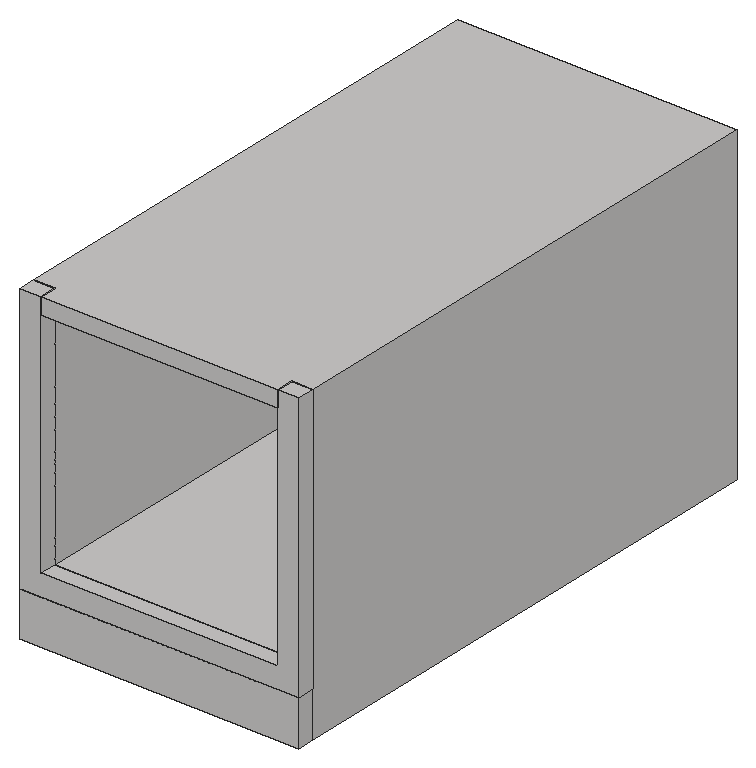
Revit family "QF_ELECTROLUXPROFESSIONAL_588636_MB1NCADOOO", category Attrezzature speciali, Revit 2020
Family settings
  Quota connettore circolare = Usa diametro
  Tipo di parte = Normale
  Basato su piano di lavoro = No
  Sempre verticale = Sì
  Taglio con vuoti quando caricato = No
  Condiviso = No
  Punto di calcolo locali = No
Parameters (values of type "Standard")
  Weight = 17.00 kg
  Watts = 0 W
  Volts = 0 V
  URL Manufacturer = "https://www.electroluxprofessional.com/"
  URL = "https://www.electroluxprofessional.com/"
  Steam Supply Size = 0"
  Steam Supply Minimum Pressure = 0.00 psi
  Steam Supply Maximum Pressure = 0.00 psi
  Steam Consumption per Hour = 0
  Refrigeration Suction Line Size = 0 mm
  Refrigeration Liquid Line Size = 0 mm
  Refrigerant Compressor Remote = yes
  Prospetto di default = 0 mm
  Phase = 0
  Modello = "MB1NCADOOO"
  Produttore = "Electrolux Professional"
  Length Actual = 400 mm  # constant formula
  Item Number = "588636"
  Hot Water Size = 0"
  Height Actual = 450 mm  # constant formula
  HP = "0 HP"
  Gas Size = 0"
  Gas KW = 0
  Gas Input Pressure = 0.0 Btu/h
  Direct Waste Size = 0"
  Descrizione = "OPEN BASE,GN,1-SIDE,400X850X450H"
  Depth Actual = 850 mm  # constant formula
  Cycle = 0 Hz
  Condensate Return Size = 0"
  Compressed Air Volume = 0 GPM
  Compressed Air Size = 0"
  Compressed Air Pressure = 0.00 psi
  Cold Water Size = 0"
  Accessory = yes
Reference planes
  plane 1 "BACK": y = 0
  plane 2: z = 0
  plane 3 "LEFT": x = 0
  plane 4 "RIGHT": x = 400
  plane 5 "FRONT": y = -850
  plane 6 "PLAIN": z = 900
  plane 7 "Center (Left/Right)": x = 200
  plane 8 "Center (Front/Back)": y = -425
  plane 9 "TOP": z = 650
  plane 10 "BASE": z = 200
  plane 11: x = 322
  plane 12: x = 78
  plane 13 "Feet_back": y = -150
  plane 14 "Feet_Front": y = -720
  plane 15: x = 0
  plane 16: x = 400
  plane 17: z = 265
  plane 18: y = -45
  plane 19: y = -805
  plane 20: y = -70
  plane 21: y = -830
  plane 22 "ButtonZ": z = 590
Forms (mm)
  Extrusion 1, solid, material "QF_Finishes_Stainless Steel"
    sketch origin (0, 0, 650) x (0, 1, 0) y (0, 0, 1)
      loop
        line (-45, -450) -> (-45, 0) -> (-805, 0) -> (-805, -450) -> (-45, -450)
    from 0 to 400
  Extrusion 2, solid, material "QF_Finishes_Stainless Steel"
    sketch origin (0, 0, 650) x (0, 1, 0) y (0, 0, 1)
      loop
        line (-830, -450) -> (-805, -450) -> (-805, -385) -> (-830, -385) -> (-830, -450)
    from 0 to 400
  Extrusion 3, void
    sketch origin (0, -850, 0) x (1, 0, 0) y (0, 0, 1)
      loop
        line (0, 650) -> (0, 265) -> (400, 265) -> (400, 650) -> (0, 650)
    from 0 to -780
  Extrusion 4, solid, material "QF_Finishes_Stainless Steel"
    sketch origin (0, -850, 0) x (1, 0, 0) y (0, 0, 1)
      loop
        line (30, 650) -> (30, 627) -> (370, 627) -> (370, 650) -> (30, 650)
    from -20 to -805
  Extrusion 5, solid, material "QF_Finishes_Stainless Steel"
    sketch origin (0, -850, 0) x (1, 0, 0) y (0, 0, 1)
      loop
        line (0, 650) -> (0, 265) -> (400, 265) -> (400, 650) -> (370, 650) -> (370, 295) -> (30, 295) -> (30, 650) -> (0, 650)
    from -45 to -780
  Extrusion 6, solid, material "QF_Finishes_Stainless Steel"
    sketch origin (0, -850, 0) x (1, 0, 0) y (0, 0, 1)
      loop
        line (0, 650) -> (0, 265) -> (400, 265) -> (400, 650) -> (370, 650) -> (370, 295) -> (30, 295) -> (30, 650) -> (0, 650)
    from -45 to -20
Cuts and joins
  Extrusion 3 cuts Extrusion 1
  joined: Extrusion 1, Extrusion 4, Extrusion 5
Lines and regions (mm)
  symbolic lines, style "SpecialityEquipmentHiddenLines"
    curve 1: line (0, 0, 0) -> (400, 0, 0)
    curve 2: line (0, -850, 0) -> (0, 0, 0)
    curve 3: line (400, -850, 0) -> (0, -850, 0)
    curve 4: line (400, 0, 0) -> (400, -850, 0)
Dimensions and locks
  plane 3 "LEFT" to plane 4 "RIGHT" = 400 mm
  plane 5 "FRONT" to plane 1 "BACK" = 850 mm
  equal spacing: plane 3 "LEFT", plane 7 "Center (Left/Right)", plane 4 "RIGHT"
  equal spacing: plane 5 "FRONT", plane 8 "Center (Front/Back)", plane 1 "BACK"
  plane 6 "PLAIN" to plane 9 "TOP" = 250 mm
  plane 10 "BASE" to level = 200 mm
  plane 9 "TOP" to plane 10 "BASE" = 450 mm
  locked: plane 1 "BACK" to plane 13 "Feet_back" at 150
  locked: plane 14 "Feet_Front" to plane 5 "FRONT" at 130
  locked: plane 12 to plane 3 "LEFT" at 78
  locked: plane 11 to plane 4 "RIGHT" at 78
  plane 16 to plane 15 = 400 mm
  equal spacing: plane 16, plane 7 "Center (Left/Right)", plane 15
  locked: plane 17 to plane 10 "BASE" at 65
  locked: plane 1 "BACK" to plane 18 at 45
  plane 9 "TOP" to Extrusion 4 sketch curve = 23 mm
  locked: Extrusion 4 sketch curve to plane 15 at 30
  locked: plane 16 to Extrusion 4 sketch curve at 30
  locked: Extrusion 5 sketch curve to plane 17 at 30
  plane 6 "PLAIN" to level = 900 mm
  Extrusion 5 to Extrusion 5 = 340 mm
  locked: plane 18 to plane 20 at 25
  locked: plane 21 to plane 5 "FRONT" at 20
  locked: plane 19 to plane 21 at 25
  plane 18 to plane 21 = 785 mm
  plane 22 "ButtonZ" to level = 590 mm
  aligned and locked: level to plane 2
  aligned and locked: Extrusion 1 to plane 4 "RIGHT"
  aligned and locked: Extrusion 1 to plane 3 "LEFT"
  aligned and locked: Extrusion 2 to plane 4 "RIGHT"
  aligned and locked: plane 9 "TOP" to Extrusion 3 sketch curve
  aligned and locked: Extrusion 3 sketch curve to plane 15
  aligned and locked: plane 16 to Extrusion 3 sketch curve
  aligned and locked: Extrusion 2 to plane 10 "BASE"
  aligned and locked: Extrusion 2 to plane 17
  aligned and locked: plane 17 to Extrusion 3 sketch curve
  aligned and locked: Extrusion 4 to plane 18
  aligned and locked: Extrusion 5 sketch curve to plane 15
  aligned and locked: plane 16 to Extrusion 5 sketch curve
  aligned and locked: plane 9 "TOP" to Extrusion 5 sketch curve  (x2)
  aligned and locked: plane 17 to Extrusion 5 sketch curve
  aligned and locked: Extrusion 5 sketch curve to Extrusion 4  (x2)
  aligned and locked: Extrusion 5 to plane 20
  aligned and locked: cut or joined group of Extrusion 1, Extrusion 3, Extrusion 4, Extrusion 5 to plane 20
  aligned and locked: cut or joined group of Extrusion 1, Extrusion 3, Extrusion 4, Extrusion 5 to plane 18
  aligned and locked: Extrusion 2 to plane 19
  aligned and locked: plane 21 to Extrusion 2
  aligned and locked: plane 21 to cut or joined group of Extrusion 1, Extrusion 3, Extrusion 4, Extrusion 5
  aligned and locked: plane 19 to cut or joined group of Extrusion 1, Extrusion 3, Extrusion 4, Extrusion 5
  aligned and locked: plane 21 to Extrusion 6
Automatic sketch dimensions
  curve 3 to plane 3 "LEFT" = 0 mm
  curve 3 to plane 4 "RIGHT" = 0 mm
  plane 5 "FRONT" to curve 3 = 0 mm
  plane 1 "BACK" to curve 2 = 0 mm
  Extrusion 1 sketch curve to plane 10 "BASE" = 0 mm
  Extrusion 1 sketch curve to plane 19 = 0 mm
  Extrusion 1 sketch curve to plane 18 = 0 mm
  Extrusion 1 sketch curve to plane 9 "TOP" = 0 mm
  plane 17 to Extrusion 2 sketch curve = 0 mm
  Extrusion 2 sketch curve to plane 21 = 0 mm
  Extrusion 2 sketch curve to plane 10 "BASE" = 0 mm
  Extrusion 2 sketch curve to plane 19 = 0 mm
  Extrusion 4 sketch curve to plane 9 "TOP" = 0 mm
  Extrusion 6 sketch curve to plane 3 "LEFT" = 0 mm
  Extrusion 6 sketch curve to plane 9 "TOP" = 0 mm  (x2)
  plane 4 "RIGHT" to Extrusion 6 sketch curve = 0 mm
  Extrusion 6 sketch curve to plane 17 = 0 mm
  Extrusion 6 sketch curve to Extrusion 6 sketch curve = 30 mm
  plane 4 "RIGHT" to Extrusion 6 sketch curve = 30 mm
  Extrusion 6 sketch curve to plane 17 = 30 mm
